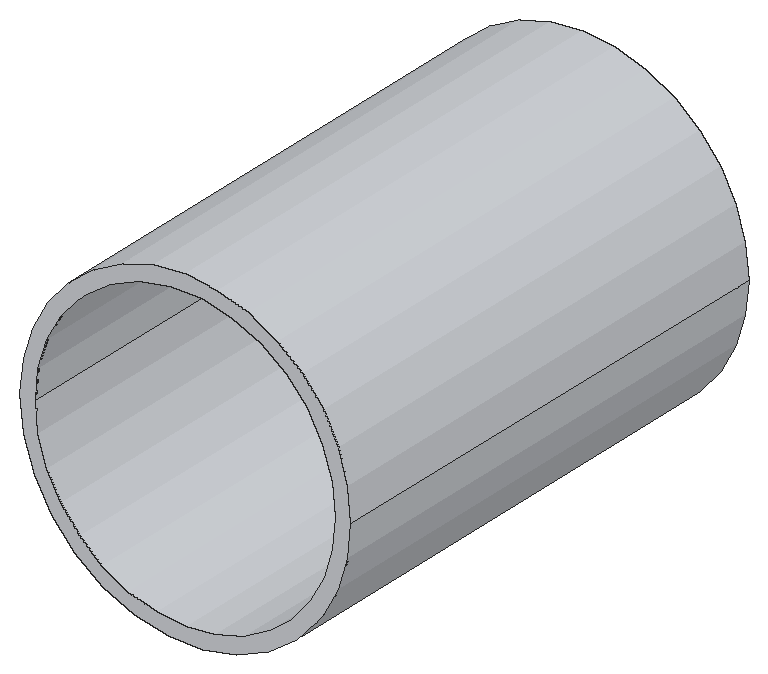
Revit family "CL20GC", category Generic Models, Revit 2017
Family settings
  Can host rebar = No
  Round Connector Dimension = Use Diameter
  Part Type = Normal
  Work Plane-Based = Yes
  Always vertical = No
  Cut with Voids When Loaded = No
  Shared = No
  Room Calculation Point = No
Parameters (values of type "NBS Standard Parameters")
  Weight = "0.0247Kg"
  WarrantyStartDate [instance] = "1900-12-31T23:59:59"
  WarrantyGuarantorParts = "n/a"
  WarrantyGuarantorLabor = "n/a"
  WarrantyDurationUnit = "1 year"
  WarrantyDurationParts = "n/a"
  WarrantyDurationLabor = "n/a"
  WarrantyDescription = "n/a"
  Version = "1"
  Uniclass2 = "Pr_65_70_11_20"
  TagNumber [instance] = "n/a"
  SustainabilityPerformance = "n/a"
  Size = "20mm"
  Shape = "Circular"
  SerialNumber [instance] = "n/a"
  Revision = "n/a"
  ReplacementCost = "n/a"
  ProductInformation = ""
  NominalWidth = 22 mm
  NominalLength = 22 mm
  NominalHeight = 33 mm
  Name = ""
  NBSTypeID = ""
  NBSReference = "90-55-10/460"
  NBSOfficeMasterTag = ""
  NBSNote = ""
  NBSDescription = "Conduit Fittings"
  NBSCertification = ""
  ModelReference = "CL20GC"
  ModelNumber = "n/a"
  Material = "Steel"
  ManufacturerURL = "www.metpro.co..uk"
  ManufacturerName = "Metpro Ltd"
  InstallationDate [instance] = "1900-12-31T23:59:59"
  IfcExportType = ""
  IfcExportAs = ""
  Grade = "n/a"
  Finish = "Galvanised"
  Features = "n/a"
  ExpectedLife = "n/a"
  DurationUnit = "year"
  Description = "CL20GC - 20mm Conduit Solid Coupler-Conlok"
  Default Elevation = 1219.2 mm
  Constituents = "n/a"
  Color = "n/a"
  CodePerformance = "n/a"
  Category = "n/a"
  BarCode [instance] = "n/a"
  BIMObjectName = "Metpro_metprolibrary_conduitfittings_metalcomponents_steelaccessories"
  Author = "Metpro Ltd"
  AssetType = ""
  AssetIdentifier [instance] = "n/a"
  AccessibilityPerformance = "n/a"
Reference planes
  plane 1 "Center (Front/Back)": y = 0
  plane 2: z = 0
  plane 3 "Center (Left/Right)": x = 0
Forms (mm)
  Extrusion 1, solid
    sketch origin (221, -7.414, 25.952) x (-1, 0, 0) y (0, 0, 1)
      loop
        circle (210, 20) r 10
      loop
        circle (210, 20) r 11
    from 0 to 33
Dimensions and locks
  aligned and locked: level to plane 2
